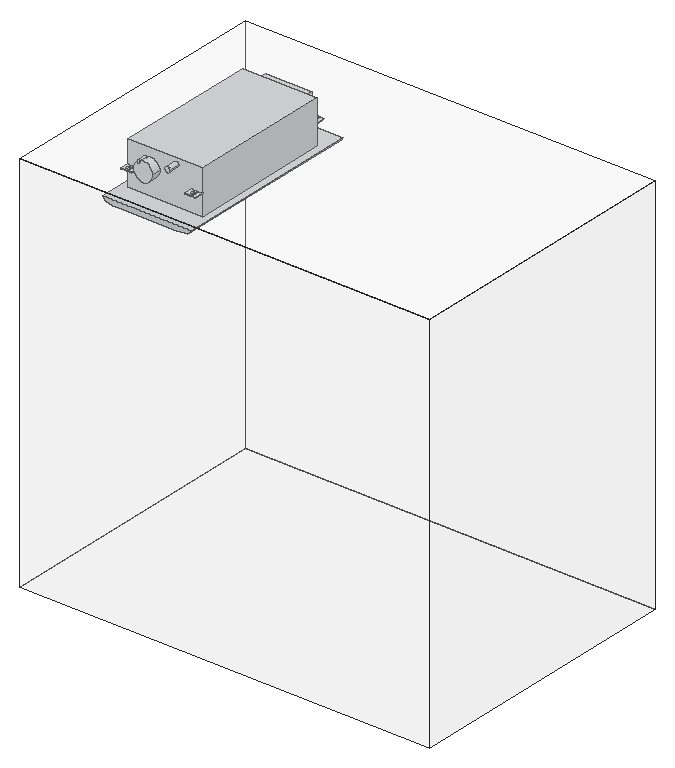
Revit family "pmfy-mp22_45bm_60Hz", category 機械設備, Revit 2019
Family settings
  丸型コネクタ寸法 = 直径を使用
  パーツ タイプ = 標準
  OmniClass 番号 = 23.75.10.24.21.27.27
  OmniClass タイトル = Split System Air Conditioning Units
  作業面ベース = いいえ
  常に垂直 = はい
  ロード時にボイドで切り取り = いいえ
  共有 = いいえ
  部屋計算ポイント = はい
Parameters (values of type "天井1方向_PMFY-MP22BM")
  風量_強 (㎥/min) = 8.7
  風量_弱 (㎥/min) = 6.5
  風量_中2 (㎥/min) = 7.2
  風量_中 (㎥/min) = 8
  風量 = MAX風量  # 522.0 m³/h
  音響パワーレベル_強 (dB) = 50
  音響パワーレベル_弱 (dB) = 43
  音響パワーレベル_中2 (dB) = 45
  音響パワーレベル_中 (dB) = 48
  音響パワーレベル (dB) = [音響パワーレベル_強 (dB)]  # 50
  電源種別 = ""
  電源_H = 0 mm
  電圧 = 200 V
  電動機出力_送風機 = 0.028 kW
  運転質量 = 0.00 kg
  連動 = ""
  質量 = if(製品質量 > 運転質量, 製品質量, 運転質量) * 1.2  # 21.60 kg
  負荷分類 = 3_ファン類
  製品質量_本体 = 15.00 kg
  製品質量_パネル = 3.00 kg
  構成品番 = "PMFY-MP22BM"
  冷媒液管位置-Z = 96 mm
  冷媒液管位置-Y = 43 mm
  冷媒液管位置-X = 254 mm
  冷媒ガス管位置-Z = 176 mm
  冷媒ガス管位置-Y = 46 mm
  冷媒ガス管位置-X = 302 mm
  ドレン管径 (外径) = 26.00 mm
  ドレン管位置-Z = 198 mm
  ドレン管位置-Y = 56 mm
  ドレン管位置-X = 141 mm
  サービススペース = yes
  【値が 0 の項目は組合せ形名にてご確認ください】 = ""
  URL = "https://www.mitsubishielectric.co.jp/ldg/wink/ssl/top.do"
  Panel Width = 1000 mm
  Panel Height = 30 mm
  Panel Depth = 470 mm
  MIN風量 = [風量_弱 (㎥/min)] * 60.0 m³/h  # 390.0 m³/h
  MID風量 = [風量_中 (㎥/min)] * 60.0 m³/h  # 480.0 m³/h
  MID2風量 = [風量_中2 (㎥/min)] * 60.0 m³/h  # 432.0 m³/h
  MAX風量 = [風量_強 (㎥/min)] * 60.0 m³/h  # 522.0 m³/h
  説明 = "ビル用マルチエアコン 室内ユニット 1方向天井カセット形"
  設計暖房能力 = 0.00 kW
  設計冷房能力_顕熱 = 0.00 kW
  設計冷房能力 = 0.00 kW
  設置方法 = "カセット形"
  記号 = ""
  製造元 = "三菱電機株式会社"
  製品質量 = 製品質量_本体 + 製品質量_パネル  # 18.00 kg
  製品出荷対象 = "国内"
  製品リリース年月 = ""
  製品グループ = ""
  系統 = ""
  符号 = "ACP-CK1"
  積算_科目 = "1 空気調和設備"
  積算_拾い区分 [instance] = ""
  相 = 1
  盤記号 = ""
  発停方法 = "付属スイッチ"
  特殊仕様 = ""
  火災停止 = ""
  消費電力_暖房 = 0.035 kW
  消費電力_冷房 = 0.035 kW
  消費電力 = if(消費電力_冷房 > 消費電力_暖房, 消費電力_冷房, 消費電力_暖房)  # 0.035 kW
  法定耐用年数 = "6"
  極数 = 1
  材質 = ""
  本体マテリアル = none
  有効加湿量 = 0
  暖房能力 = 2.50 kW
  推奨ブレーカー容量 = 0 A
  形式_加湿器 = ""
  形式 = "1方向天井カセット形"
  幹線記号 = ""
  始動方式 = "直入"
  呼称 = "パッケージ形空気調和機_室内機"
  周波数 = 60 Hz
  吊り位置Y = 811 mm
  吊り位置X = 340 mm
  吊りボルト_H = 110 mm
  台数_手元リモコン = ""
  台数_冷媒分岐ユニット = ""
  参照している仕様書等のバージョン = "公共建築工事標準仕様書（機械設備工事編）平成31年度版"
  分類コード = "50053003221010"
  分類グループ = ""
  冷房能力 = 2.20 kW
  冷媒管径符号 = "Ac"
  冷媒管径 = 100.00 mm
  冷媒液管径 = 6.35 mm
  冷媒ガス管径 = 12.70 mm
  企業コード = "108420"
  付属品_フィルター = ""
  付属品 = ""
  仕様書バージョン = "Version1.0"
  Model = ""
  パネルマテリアル = none
  ドレン管径 = 20.00 mm
  コメント [instance] = ""
  ケーブル種類 = ""
  ケーブルサイズ = 0 mm
  Width = 812 mm
  Version = ""
  Uniclass2015Version = "Systems v1.9"
  Uniclass2015Title = "Split coil remote air cooled condensing units"
  Uniclass2015Code = "Pr_70_65_03_84"
  SpecificationReference = ""
  SpecificationDescription = ""
  Revision = ""
  ProductInformation = ""
  OmniClassCode = "23-33 17 13 11"
  IfcTypeProduct = ""
  IfcProduct = ""
  IfcExportType = "AIRCONDITIONINGUNIT"
  IfcExportAs = "IfcUnitaryEquipmentType"
  Height = 230 mm
  Depth = 395 mm
  価格 = 0
  Clearance Top = 235 mm
  Clearance Right = 1500 mm
  Clearance Left = 200 mm
  Clearance Front = 300 mm
  Clearance Bottom = 1800 mm
  Clearance Back = 200 mm
  Author = "三菱電機株式会社"
Types (4, lengths in mm): name | 風量_強 (㎥/min) | 風量_弱 (㎥/min) | 風量_中2 (㎥/min) | 風量_中 (㎥/min) | 風量 | 音響パワーレベル_強 (dB) | 音響パワーレベル_弱 (dB) | 音響パワーレベル_中2 (dB) | 音響パワーレベル_中 (dB) | 音響パワーレベル (dB) | 構成品番 | MIN風量 | MID風量 | MID2風量 | MAX風量 | 消費電力_暖房 | 消費電力_冷房 | 消費電力 | 暖房能力 | 冷房能力
  天井1方向_PMFY-MP22BM | 8.7 | 6.5 | 7.2 | 8 | 522.0 m³/h | 50 | 43 | 45 | 48 | 50 | "PMFY-MP22BM" | 390.0 m³/h | 480.0 m³/h | 432.0 m³/h | 522.0 m³/h | 0.035 kW | 0.035 kW | 0.035 kW | 2.50 kW | 2.20 kW
  天井1方向_PMFY-MP28BM | 9.3 | 7.3 | 8 | 8.6 | 558.0 m³/h | 52 | 47 | 48 | 50 | 52 | "PMFY-MP28BM" | 438.0 m³/h | 516.0 m³/h | 480.0 m³/h | 558.0 m³/h | 0.037 kW | 0.037 kW | 0.037 kW | 3.20 kW | 2.80 kW
  天井1方向_PMFY-MP36BM | 9.3 | 7.3 | 8 | 8.6 | 558.0 m³/h | 52 | 47 | 48 | 50 | 52 | "PMFY-MP36BM" | 438.0 m³/h | 516.0 m³/h | 480.0 m³/h | 558.0 m³/h | 0.037 kW | 0.037 kW | 0.037 kW | 4.00 kW | 3.60 kW
  天井1方向_PMFY-MP45BM | 10.7 | 7.7 | 8.7 | 9.7 | 642.0 m³/h | 55 | 49 | 51 | 53 | 55 | "PMFY-MP45BM" | 462.0 m³/h | 582.0 m³/h | 522.0 m³/h | 642.0 m³/h | 0.045 kW | 0.045 kW | 0.045 kW | 5.00 kW | 4.50 kW
Reference planes
  plane 1 "中心(正面/背面)": y = 0
  plane 2: z = 0
  plane 3 "中心(左/右)": x = 0
  plane 4: x = -197.5
  plane 5: x = 197.5
  plane 6: z = 230
  plane 7: y = -379.5
  plane 8: y = 500
  plane 9: y = -500
  plane 10: y = 405.5
  plane 11: y = -405.5
  plane 12: x = -170
  plane 13: x = 170
  plane 14: y = 300
  plane 15: z = 110
  plane 16: y = 700
  plane 17: y = -800
  plane 18: x = 235
  plane 19: x = -235
  plane 20: x = 1735
  plane 21: x = -435
  plane 22: z = -1800
  plane 23: z = 235
  plane 24: z = -30
  plane 25: y = 432.5
  plane 26: x = 56.5
  plane 27: x = -56.5
  plane 28: x = -104.5
  plane 29: y = -422.5
  plane 30: y = -435.5
  plane 31: y = -425.5
  plane 32: z = 198
  plane 33: z = 176
  plane 34: z = 96
  plane 35: z = 150
  plane 36: x = 73.5
Dimensions and locks
  equal spacing: plane 4, plane 3 "中心(左/右)", plane 5
  "Depth": plane 4 to plane 5
  "Height": plane 6 to level
  equal spacing: plane 8, plane 1 "中心(正面/背面)", plane 9
  "Panel Width": plane 8 to plane 9
  equal spacing: plane 11, plane 1 "中心(正面/背面)", plane 10
  "吊り位置Y": plane 11 to plane 10
  equal spacing: plane 12, plane 3 "中心(左/右)", plane 13
  "吊り位置X": plane 12 to plane 13
  "Clearance Back": plane 16 to plane 8
  "Clearance Front": plane 9 to plane 17
  equal spacing: plane 19, plane 3 "中心(左/右)", plane 18
  "Panel Depth": plane 19 to plane 18
  "Clearance Left": plane 21 to plane 19
  "Clearance Bottom": level to plane 22
  "Clearance Top": plane 23 to level
  "Panel Height": level to plane 24
  "Width": plane 7 to plane 25
  "ドレン管位置-X": plane 26 to plane 5
  "冷媒液管位置-X": plane 27 to plane 5
  "冷媒ガス管位置-X": plane 28 to plane 5
  "冷媒液管位置-Y": plane 29 to plane 7
  "ドレン管位置-Y": plane 30 to plane 7
  "冷媒ガス管位置-Y": plane 7 to plane 31
  "ドレン管位置-Z": plane 32 to plane 2
  "冷媒ガス管位置-Z": plane 33 to plane 2
  "冷媒液管位置-Z": plane 34 to plane 2
  "Clearance Right": plane 18 to plane 20
  aligned and locked: level to plane 2
  aligned and locked: nested 2 to plane 12
  aligned and locked: plane 13 to nested 2
  aligned and locked: plane 10 to nested 2
  aligned and locked: plane 11 to nested 2  (x2)
  aligned and locked: nested 2 to plane 10
  aligned and locked: nested 2 to plane 13
  aligned and locked: plane 12 to nested 2
  aligned and locked: nested 3 to plane 16
  aligned and locked: plane 17 to nested 3
  aligned and locked: plane 20 to nested 3
  aligned and locked: nested 3 to plane 21
  aligned and locked: plane 23 to nested 3
  aligned and locked: plane 22 to nested 3
Nested families
  nested 1: "PMFY-P○○BMG7" at (0, 0, 0), type "PMFY-P○○BMG7"
    with ユニット表示 yes
  nested 2: "固定点" at (-170, -405.5, 110), type "固定点"
    with W 340 mm, D 811 mm
  nested 3: "サービススペース" at (650, -50, -782.5), visible <- "サービススペース", type "サービススペース"
    with Width 2170 mm, Height 2035 mm, Depth 1500 mm
Connectors
  electrical at (73.5, 431.602, 150), driven by "極数", driven by "負荷分類", driven by "電圧", driven by "消費電力"
    settings: on nested 1, index 1, voltage 200 V, apparent load 35 VA, apparent load phase1 0 VA, apparent load phase2 0 VA, apparent load phase3 0 VA, power factor 1, load classification "3_ファン類", number of poles 1, system type 30, power factor state 1, is connector primary yes, connector utility no, sub classification motor no, connector description ""
  piping at (-80.5, -425.5, 136), diameter 100, driven by "冷媒管径", driven by "冷媒管径符号"
    settings: on nested 1, index 2, connector inside diameter 609.60 mm, connector length 0 mm, flow factor 0, pipe flow 0.0 L/s, pressure drop 0.0 Pa, fitting loss kfactor 0, connector angle 0.00°, fixture units 0, engagement length 0 mm, angle of deflection 0.00°, flow configuration 1, flow direction 1, fitting loss method 4, system type 7, joint type 0, gender type 0, connector reference index -1, connector utility 0, adjustable connector no, is connector primary yes, connector description "Ac"
  piping at (56.5, -435.5, 198), diameter 26, driven by "ドレン管径 (外径)"
    settings: on nested 1, index 3, connector inside diameter 609.60 mm, connector length 0 mm, flow factor 0, pipe flow 0.0 L/s, pressure drop 0.0 Pa, fitting loss kfactor 0, connector angle 0.00°, fixture units 0, engagement length 0 mm, angle of deflection 0.00°, flow configuration 1, flow direction 2, fitting loss method 4, system type 16, joint type 0, gender type 0, connector reference index -1, connector utility 0, adjustable connector no, is connector primary no, connector description ""
Definition of nested family "PMFY-P○○BMG7"
  Parameters (values of type "PMFY-P○○BMG7")
    配線取出口サイズ = 30 mm
    電線用ノックアウト穴Z = 150 mm
    電線用ノックアウト穴X = 124 mm
    液配管サイズ = 6.35 mm
    冷媒ガス管位置-Z = 176 mm
    パネル外形-X = 470 mm
    パネル外形-Y = 幅さ + 188 mm  # 1000 mm
    高さ = 230 mm
    奥行き = 395 mm
    吊りボルト_H = 110 mm
    冷媒配管 = 100 mm
    冷媒液管位置-Z = 96 mm
    冷媒液管位置-Y = 43 mm
    冷媒液管位置-X = 254 mm
    冷媒ガス管位置-Y = 46 mm
    冷媒ガス管位置-X = 302 mm
    ユニット表示 [instance] = yes
    ボルトピッチ = 340 mm
    ドレン配管サイズ = 20 mm
    ドレン管位置-Z = 198 mm
    ドレン管位置-Y = 56 mm
    ドレン管位置-X = 141 mm
    ドレン管径 (外径) = 26 mm
    ガス配管サイズ = 12.7 mm
    D = 811 mm
    幅さ = 812 mm
  Reference planes
    plane 1 "中心(正面/背面)": y = 0
    plane 2: z = 0
    plane 3 "中心(左/右)": x = 0
    plane 4: y = 500
    plane 5: y = 379.5
    plane 6: y = -500
    plane 7: x = -235
    plane 8: x = 235
    plane 9: x = -197.5
    plane 10: x = 197.5
    plane 11: y = 432.5
    plane 12: y = -379.5
    plane 13: z = 230
    plane 14: y = 405.5
    plane 15: y = -405.5
    plane 16: x = -170
    plane 17: x = 170
    plane 18: z = 110
    plane 19: z = 111
    plane 20: z = 109
    plane 21: y = -435.5
    plane 22: x = 56.5
    plane 23: z = 198
    plane 24: x = -104.5
    plane 25: x = -56.5
    plane 26: y = -422.5
    plane 27: y = -425.5
    plane 28: z = 176
    plane 29: z = 96
    plane 30: x = 73.5
    plane 31: z = 150
    plane 32: y = 425.5
  Forms (mm)
    Extrusion 1, void
      sketch origin (0, 0, -30) x (0, -1, 0) y (1, 0, 0)
        loop
          line (-500, 195) -> (-290, 195) -> (-290, 125)
          arc (-290, 125) -> (-287.071, 117.929) -> (-280, 115) r 10
          line (-280, 115) -> (280, 115)
          arc (280, 115) -> (287.071, 117.929) -> (290, 125) r 10
          line (290, 125) -> (290, 195) -> (497.5, 195) -> (500, 197.5) -> (-500, 197.5) -> (-500, 195)
      from 0 to 8
    Extrusion 2, solid, visible <- "ユニット表示", detail levels fine
      sketch origin (0, 0, -30) x (0, -1, 0) y (1, 0, 0)
        loop
          line (-280, 129.824) -> (280, 129.824) -> (280, 189.824) -> (-280, 189.824) -> (-280, 129.824)
      from 0 to 8
    Extrusion 3, solid, visible <- "ユニット表示", detail levels fine
      sketch origin (0, 0, 0) x (1, 0, 0) y (0, 1, 0)
        loop
          line (-197.5, 379.5) -> (-197.5, -379.5) -> (197.5, -379.5) -> (197.5, 379.5) -> (-197.5, 379.5)
      from 0 to 230
    Extrusion 4, solid, visible <- "ユニット表示", detail levels fine
      sketch origin (0, 0, 0) x (1, 0, 0) y (0, 0, 1)
        loop
          circle (-80.5, 136) r 50
      from 379.5 to 425.5
    Extrusion 5, solid, visible <- "ユニット表示", detail levels fine
      sketch origin (0, 0, 0) x (1, 0, 0) y (0, 0, 1)
        loop
          circle (-104.5, 176) r 6.35
      from 425.5 to 379.5
    Extrusion 6, solid, visible <- "ユニット表示", detail levels fine
      sketch origin (0, 0, 0) x (1, 0, 0) y (0, 0, 1)
        loop
          circle (-56.5, 96) r 3.175
      from 422.5 to 379.5
    Extrusion 7, solid, visible <- "ユニット表示", detail levels fine
      sketch origin (0, 0, 0) x (1, 0, 0) y (0, 0, 1)
        loop
          circle (73.5, 150) r 15
      from -432.5 to -431.602
    Extrusion 8, solid, visible <- "ユニット表示", detail levels fine
      sketch origin (0, 0, 0) x (1, 0, 0) y (0, 0, 1)
        loop
          circle (56.5, 198) r 13
      from 379.5 to 435.5
    Extrusion 9, solid, visible <- "ユニット表示", detail levels fine
      sketch origin (0, 0, 0) x (1, 0, 0) y (0, 1, 0)
        loop
          line (-142, -425.5) -> (-142, -379.5) -> (-198, -379.5) -> (-198, -425.5) -> (-174, -425.5) -> (-174, -415.5)
          arc (-174, -415.5) -> (-183.963, -405.481) -> (-173.963, -395.5) r 10
          line (-173.963, -395.5) -> (-166.009, -395.5)
          arc (-166.009, -395.5) -> (-156.009, -405.496) -> (-166, -415.5) r 10
          line (-166, -415.5) -> (-166, -425.5) -> (-142, -425.5)
        loop
          line (142, -379.5) -> (142, -425.5) -> (166, -425.5) -> (166, -415.5)
          arc (166, -415.5) -> (156.009, -405.496) -> (166.009, -395.5) r 10
          line (166.009, -395.5) -> (173.963, -395.5)
          arc (173.963, -395.5) -> (183.963, -405.481) -> (174, -415.5) r 10
          line (174, -415.5) -> (174, -425.5) -> (198, -425.5) -> (198, -379.5) -> (142, -379.5)
        loop
          line (-142, 379.5) -> (-142, 425.5) -> (-166, 425.5) -> (-166, 415.5)
          arc (-166, 415.5) -> (-156.009, 405.496) -> (-166.009, 395.5) r 10
          line (-166.009, 395.5) -> (-173.963, 395.5)
          arc (-173.963, 395.5) -> (-183.963, 405.481) -> (-174, 415.5) r 10
          line (-174, 415.5) -> (-174, 425.5) -> (-198, 425.5) -> (-198, 379.5) -> (-142, 379.5)
        loop
          line (142, 425.5) -> (142, 379.5) -> (198, 379.5) -> (198, 425.5) -> (174, 425.5) -> (174, 415.5)
          arc (174, 415.5) -> (183.963, 405.481) -> (173.963, 395.5) r 10
          line (173.963, 395.5) -> (166.009, 395.5)
          arc (166.009, 395.5) -> (156.009, 405.496) -> (166, 415.5) r 10
          line (166, 415.5) -> (166, 425.5) -> (142, 425.5)
      from 109 to 111
    Extrusion 10, solid, visible <- "ユニット表示", detail levels fine
      sketch origin (0, 0, 0) x (1, 0, 0) y (0, 0, 1)
        loop
          line (-149.931, -30) -> (158.916, -30)
          arc (158.916, -30) -> (178.298, -28.765) -> (197.5, -25.851) r 223.291
          arc (197.5, -25.851) -> (205.218, -24.191) -> (212.873, -22.259) r 223.291
          arc (212.873, -22.259) -> (224.339, -16.257) -> (232.21, -5.984) r 30
          line (232.21, -5.984) -> (235, 0) -> (-235, 0) -> (-232.21, -5.984)
          arc (-232.21, -5.984) -> (-224.339, -16.257) -> (-212.873, -22.259) r 30
          arc (-212.873, -22.259) -> (-181.678, -28.376) -> (-149.931, -30) r 223.291
      from -500 to 500
    Extrusion 11, solid, visible <- "ユニット表示", detail levels fine
      sketch origin (0, 0, 0) x (1, 0, 0) y (0, 0, 1)
        loop
          line (-118.5, 210) -> (-118.5, 0) -> (128.5, 0) -> (128.5, 210) -> (-118.5, 210)
      from -432.5 to -379.5
  Cuts and joins
    Extrusion 1 cuts Extrusion 10
  Lines and regions (mm)
    model lines, visible <- "ユニット表示", detail levels fine
      curve 1: line (115, -280, -30) -> (115, 0, -30)
      curve 2: line (95, -500, -30) -> (95, 500, -30)
      curve 3: line (80, 500, -30) -> (80, -500, -30)
      curve 4: line (65, 500, -30) -> (65, -500, -30)
      curve 5: line (50, 500, -30) -> (50, -500, -30)
      curve 6: line (35, 500, -30) -> (35, -500, -30)
      curve 7: line (20, 500, -30) -> (20, -500, -30)
      curve 8: line (-134.931, -500, -30) -> (-134.931, 500, -30)
      curve 9: line (-119.931, -500, -30) -> (-119.931, 500, -30)
      curve 10: line (-104.931, -500, -30) -> (-104.931, 500, -30)
      curve 11: line (-119.931, 500, -30) -> (-119.931, -500, -30)
      curve 12: line (-89.931, -500, -30) -> (-89.931, 500, -30)
      curve 13: line (-74.931, -500, -30) -> (-74.931, 500, -30)
    symbolic lines, detail levels coarse+medium
      curve 14: line (-235, 500, 0) -> (235, 500, 0)
      curve 15: line (-235, -500, 0) -> (-235, 500, 0)
      curve 16: line (235, -500, 0) -> (-235, -500, 0)
      curve 17: line (235, 500, 0) -> (235, -500, 0)
  Dimensions and locks
    equal spacing: plane 4, plane 1 "中心(正面/背面)", plane 6
    "パネル外形-Y": plane 4 to plane 6
    equal spacing: plane 9, plane 3 "中心(左/右)", plane 10
    "奥行き": plane 9 to plane 10
    "パネル外形-X": plane 7 to plane 8
    "幅さ": plane 11 to plane 12
    "高さ": plane 13 to level
    equal spacing: plane 14, plane 1 "中心(正面/背面)", plane 15
    "D": plane 14 to plane 15
    "吊りボルト_H": level to plane 18
    plane 20 to plane 19 = 2 mm
    plane 14 to plane 5 = 26 mm
    plane 12 to plane 15 = 26 mm
    equal spacing: plane 16, plane 3 "中心(左/右)", plane 17
    "ボルトピッチ": plane 16 to plane 17
    "ドレン管位置-Y": plane 12 to plane 21
    "ドレン管位置-X": plane 22 to plane 10
    "ドレン管位置-Z": plane 23 to level
    "冷媒ガス管位置-X": plane 24 to plane 10
    "冷媒液管位置-X": plane 25 to plane 10
    "冷媒ガス管位置-Y": plane 12 to plane 27
    "冷媒液管位置-Y": plane 12 to plane 26
    "冷媒ガス管位置-Z": plane 28 to level
    plane 19 to plane 20 = 2 mm
    "電線用ノックアウト穴Z": level to plane 31
    "冷媒液管位置-Z": plane 29 to level
    "電線用ノックアウト穴X": plane 30 to plane 10
    plane 5 to plane 12 = 759 mm
    plane 32 to plane 14 = 20 mm
    plane 15 to plane 27 = 20 mm
    aligned and locked: level to plane 2
    aligned and locked: curve 17 to plane 8
    aligned and locked: plane 7 to curve 15
    aligned and locked: plane 13 to Extrusion 3
    aligned and locked: Extrusion 3 to plane 9
    aligned and locked: Extrusion 3 to plane 10
  Automatic sketch dimensions
    curve 8 to curve 9 = 15 mm
    curve 11 to curve 9 = 0 mm
    curve 9 to curve 10 = 15 mm
    curve 10 to curve 12 = 15 mm
    curve 12 to curve 13 = 15 mm
    curve 13 to curve 7 = 94.931 mm
    curve 7 to curve 6 = 15 mm
    curve 6 to curve 5 = 15 mm
    curve 5 to curve 4 = 15 mm
    curve 4 to curve 3 = 15 mm
    curve 3 to curve 2 = 15 mm
    Extrusion 1 sketch curve to plane 4 = 0 mm
    Extrusion 1 sketch curve to plane 6 = 0 mm
    Extrusion 1 sketch curve to plane 5 = 89.5 mm
    Extrusion 1 sketch curve to Extrusion 1 sketch curve = 10 mm  (x2)
    plane 6 to Extrusion 1 sketch curve = 2.5 mm
    plane 3 "中心(左/右)" to Extrusion 1 sketch curve = 115 mm
    Extrusion 1 sketch curve to Extrusion 1 sketch curve = 70 mm  (x2)
    Extrusion 1 sketch curve to Extrusion 1 sketch curve = 2.5 mm
    Extrusion 2 sketch curve to plane 5 = 99.5 mm
    plane 3 "中心(左/右)" to Extrusion 2 sketch curve = 129.824 mm
    Extrusion 2 sketch curve to Extrusion 2 sketch curve = 60 mm
    plane 6 to Extrusion 1 sketch curve = 220 mm
    plane 6 to Extrusion 2 sketch curve = 220 mm
    curve 16 to plane 6 = 0 mm
    curve 15 to plane 4 = 0 mm
    Extrusion 3 sketch curve to plane 9 = 0 mm
    Extrusion 3 sketch curve to plane 12 = 0 mm
    Extrusion 3 sketch curve to plane 5 = 0 mm
    Extrusion 3 sketch curve to plane 17 = 27.5 mm
    Extrusion 4 sketch curve to plane 24 = 24 mm
    Extrusion 4 sketch curve to plane 31 = 14 mm
    plane 24 to Extrusion 5 sketch curve = 0 mm
    Extrusion 5 sketch curve to plane 28 = 0 mm
    plane 25 to Extrusion 6 sketch curve = 0 mm
    Extrusion 6 sketch curve to plane 29 = 0 mm
    plane 30 to Extrusion 7 sketch curve = 0 mm
    Extrusion 7 sketch curve to plane 31 = 0 mm
    plane 22 to Extrusion 8 sketch curve = 0 mm
    Extrusion 8 sketch curve to plane 23 = 0 mm
    Extrusion 9 sketch curve to plane 27 = 0 mm  (x4)
    Extrusion 9 sketch curve to plane 12 = 0 mm  (x2)
    Extrusion 9 sketch curve to plane 15 = 0 mm  (x4)
    Extrusion 9 sketch curve to plane 9 = 0.5 mm  (x2)
    Extrusion 9 sketch curve to plane 16 = 4 mm  (x2)
    Extrusion 9 sketch curve to plane 16 = 3.963 mm  (x2)
    plane 16 to Extrusion 9 sketch curve = 3.991 mm  (x2)
    plane 16 to Extrusion 9 sketch curve = 4 mm  (x2)
    plane 16 to Extrusion 9 sketch curve = 28 mm  (x2)
    plane 26 to Extrusion 9 sketch curve = 7 mm  (x2)
    plane 17 to Extrusion 9 sketch curve = 28 mm  (x2)
    plane 17 to Extrusion 9 sketch curve = 4 mm  (x2)
    plane 17 to Extrusion 9 sketch curve = 3.991 mm  (x2)
    Extrusion 9 sketch curve to plane 17 = 3.963 mm  (x2)
    Extrusion 9 sketch curve to plane 17 = 4 mm  (x2)
    Extrusion 9 sketch curve to plane 10 = 0.5 mm  (x2)
    Extrusion 9 sketch curve to plane 32 = 0 mm  (x4)
    Extrusion 9 sketch curve to plane 5 = 0 mm  (x2)
    Extrusion 9 sketch curve to plane 14 = 0 mm  (x4)
    Extrusion 9 sketch curve to plane 14 = 10 mm  (x2)
    Extrusion 10 sketch curve to Extrusion 10 sketch curve = 0 mm  (x2)
    Extrusion 10 sketch curve to level = 0 mm
    Extrusion 10 sketch curve to plane 7 = 0 mm
    plane 10 to Extrusion 10 sketch curve = 0 mm
    Extrusion 10 sketch curve to plane 8 = 0 mm
    plane 7 to Extrusion 10 sketch curve = 2.79 mm
    Extrusion 10 sketch curve to plane 9 = 7.52 mm
    Extrusion 10 sketch curve to plane 23 = 4.754 mm  (x2)
    plane 16 to Extrusion 10 sketch curve = 15.576 mm
    plane 16 to Extrusion 10 sketch curve = 20.069 mm
    plane 17 to Extrusion 10 sketch curve = 15.576 mm
    plane 17 to Extrusion 10 sketch curve = 11.084 mm
    Extrusion 10 sketch curve to plane 10 = 7.52 mm
    Extrusion 10 sketch curve to plane 8 = 2.79 mm
    Extrusion 10 sketch curve to level = 5.984 mm  (x2)
    Extrusion 10 sketch curve to level = 30 mm
    level to Extrusion 10 sketch curve = 6.695 mm  (x2)
    curve 13 to plane 4 = 0 mm
    curve 8 to plane 4 = 0 mm
    curve 12 to plane 4 = 0 mm
    curve 2 to plane 4 = 0 mm
    curve 3 to plane 4 = 0 mm
    curve 11 to plane 4 = 0 mm
    curve 4 to plane 4 = 0 mm
    curve 10 to plane 4 = 0 mm
    curve 5 to plane 4 = 0 mm
    curve 9 to plane 4 = 0 mm
    curve 6 to plane 4 = 0 mm
    curve 7 to plane 4 = 0 mm
    plane 1 "中心(正面/背面)" to curve 1 = 0 mm
    curve 8 to plane 6 = 0 mm
    curve 6 to plane 6 = 0 mm
    curve 9 to plane 6 = 0 mm
    curve 5 to plane 6 = 0 mm
    curve 10 to plane 6 = 0 mm
    curve 4 to plane 6 = 0 mm
    curve 3 to plane 6 = 0 mm
    curve 11 to plane 6 = 0 mm
    curve 12 to plane 6 = 0 mm
    curve 2 to plane 6 = 0 mm
    curve 13 to plane 6 = 0 mm
    curve 7 to plane 6 = 0 mm
    plane 24 to curve 8 = 30.431 mm
    curve 1 to plane 30 = 41.5 mm
    plane 12 to curve 1 = 99.5 mm
    Extrusion 11 sketch curve to level = 0 mm
    plane 24 to Extrusion 11 sketch curve = 14 mm
    plane 17 to Extrusion 11 sketch curve = 41.5 mm
    plane 23 to Extrusion 11 sketch curve = 12 mm
    radius of Extrusion 4 sketch curve = 50 mm
    radius of Extrusion 5 sketch curve = 6.35 mm
    radius of Extrusion 6 sketch curve = 3.175 mm
    radius of Extrusion 7 sketch curve = 15 mm
    radius of Extrusion 8 sketch curve = 13 mm
Definition of nested family "サービススペース"
  Parameters
    Width [instance] = 500 mm
    Height [instance] = 500 mm
    Depth [instance] = 500 mm
  Reference planes
    plane 1 "中心(正面/背面)": y = 0
    plane 2: z = 0
    plane 3 "中心(左/右)": x = 0
    plane 4: y = -250
    plane 5: x = 250
    plane 6: y = 250
    plane 7: x = -250
    plane 8: z = 250
    plane 9: z = -250
  Forms (mm)
    Extrusion 1, solid
      sketch origin (-638.939, 0, 72.39) x (1, 0, 0) y (0, 1, 0)
        loop
          line (388.939, 250) -> (388.939, -250) -> (888.939, -250) -> (888.939, 250) -> (388.939, 250)
      from -322.39 to 177.61
  Lines and regions (mm)
    symbolic lines
      curve 1: line (-250, 0, 250) -> (250, 0, 250)
      curve 2: line (-250, 0, -250) -> (-250, 0, 250)
      curve 3: line (250, 0, -250) -> (-250, 0, -250)
      curve 4: line (250, 0, 250) -> (250, 0, -250)
      curve 5: line (0, -250, 250) -> (0, 250, 250)
      curve 6: line (0, -250, -250) -> (0, -250, 250)
      curve 7: line (0, 250, -250) -> (0, -250, -250)
      curve 8: line (0, 250, 250) -> (0, 250, -250)
      curve 9: line (-250, 250, 0) -> (250, 250, 0)
      curve 10: line (-250, -250, 0) -> (-250, 250, 0)
      curve 11: line (250, -250, 0) -> (-250, -250, 0)
      curve 12: line (250, 250, 0) -> (250, -250, 0)
  Dimensions and locks
    equal spacing: plane 7, plane 3 "中心(左/右)", plane 5
    equal spacing: plane 4, plane 1 "中心(正面/背面)", plane 6
    "Depth": plane 4 to plane 6
    "Width": plane 7 to plane 5
    equal spacing: plane 8, plane 2, plane 9
    "Height": plane 8 to plane 9
    aligned and locked: plane 9 to curve 3
    aligned and locked: plane 7 to curve 2
    aligned and locked: curve 4 to plane 5
    aligned and locked: plane 5 to Extrusion 1
    aligned and locked: Extrusion 1 to plane 7
    aligned and locked: Extrusion 1 to plane 9
    aligned and locked: plane 8 to Extrusion 1
    aligned and locked: plane 9 to curve 7
  Automatic sketch dimensions
    plane 4 to Extrusion 1 sketch curve = 0 mm
    Extrusion 1 sketch curve to plane 7 = 0 mm
    Extrusion 1 sketch curve to plane 5 = 0 mm
    plane 6 to Extrusion 1 sketch curve = 0 mm
    curve 2 to plane 8 = 0 mm
    plane 4 to curve 11 = 0 mm
    curve 11 to plane 7 = 0 mm
    curve 11 to plane 5 = 0 mm
    plane 6 to curve 10 = 0 mm
    curve 7 to plane 4 = 0 mm
    curve 7 to plane 6 = 0 mm
    curve 6 to plane 8 = 0 mm
Definition of nested family "固定点"
  Parameters (values of type "固定点")
    中心円 = 20 mm
    W [instance] = 1000 mm
    D [instance] = 1000 mm
  Reference planes
    plane 1 "中心(正面/背面)": y = 0
    plane 2: z = 0
    plane 3 "中心(左/右)": x = 0
    plane 4: x = 1000
    plane 5: y = 1000
  Lines and regions (mm)
    symbolic lines, detail levels fine
      curve 1: line (-200, 1000, 0) -> (1200, 1000, 0)
      curve 2: line (-200, 0, 0) -> (1200, 0, 0)
      curve 3: line (0, 1200, 0) -> (0, -200, 0)
      curve 4: line (1000, 1200, 0) -> (1000, -200, 0)
    model lines, detail levels fine
      curve 5: circle (0, 1000, 0) r 10 normal (0, 0, 1)
      curve 6: circle (1000, 1000, 0) r 10 normal (0, 0, 1)
      curve 7: circle (1000, 0, 0) r 10 normal (0, 0, 1)
      curve 8: circle (0, 0, 0) r 10 normal (0, 0, 1)
  Dimensions and locks
    "W": plane 3 "中心(左/右)" to plane 4
    "D": plane 1 "中心(正面/背面)" to plane 5
    "中心円": diameter of curve 5
    "中心円": diameter of curve 8
    "中心円": diameter of curve 7
    "中心円": diameter of curve 6
    aligned and locked: level to plane 2
    aligned and locked: plane 1 "中心(正面/背面)" to curve 2
    aligned and locked: curve 3 to plane 3 "中心(左/右)"
    aligned and locked: curve 4 to plane 4
  Automatic sketch dimensions
    curve 1 to plane 5 = 0 mm
    curve 5 to plane 3 "中心(左/右)" = 0 mm
    plane 1 "中心(正面/背面)" to curve 8 = 0 mm
    curve 8 to plane 3 "中心(左/右)" = 0 mm
    plane 1 "中心(正面/背面)" to curve 7 = 0 mm
    curve 7 to plane 4 = 0 mm
    curve 6 to plane 4 = 0 mm
    curve 5 to plane 5 = 0 mm
    curve 6 to plane 5 = 0 mm
    curve 1 to plane 3 "中心(左/右)" = 200 mm
    curve 2 to plane 3 "中心(左/右)" = 200 mm
    curve 6 to curve 1 = 200 mm
    curve 7 to curve 2 = 200 mm
    plane 1 "中心(正面/背面)" to curve 3 = 200 mm
    plane 1 "中心(正面/背面)" to curve 4 = 200 mm
    curve 6 to curve 4 = 200 mm
    curve 5 to curve 3 = 200 mm
